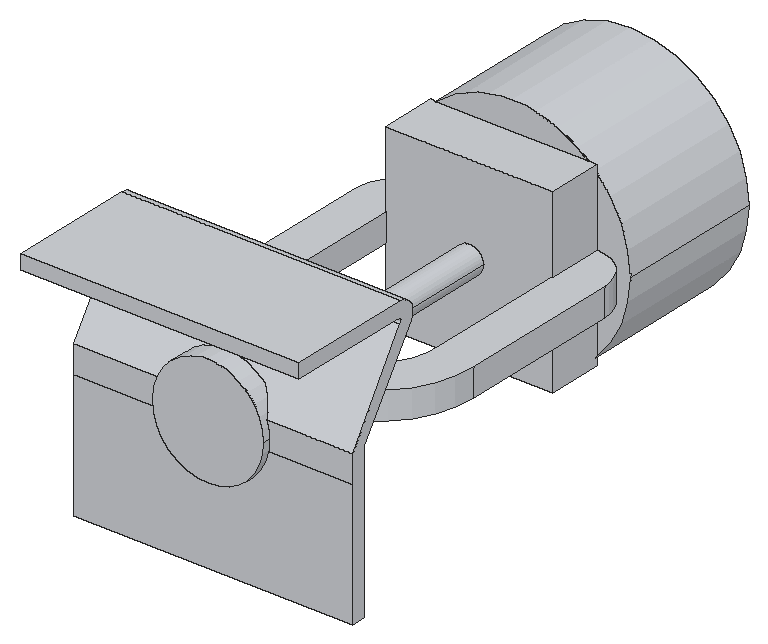
Revit family
Parameters (values of type "RASCO F1FR QREC EC9")
  Temperature Rating = 175 °F
  Response = 1
  RASCO SIN # = "R4862"
  RASCO Part # = "F1FREC95B"
  Pressure Rating = "300 PSI"
  Pressure Class = 1
  Orifice Size = 17/32"
  Orifice = (empty or 0)
  Model = "F1FR"
  Manufacturer = "RASCO"
  K-Factor = 8
  Description = "Bronze Finish"
  Coverage = 1
Reference planes (in)
  plane 1 "Center (Front/Back)": y = 0
  plane 2: z = 0
  plane 3 "Center (Left/Right)": x = 0
Dimensions and locks (in)
  aligned and locked: plane 2 to level
Nested families (in)
  nested 1: "RASCO- F1FREC95B" at (-4.13928, -0.61466, 0), type "RASCO F1FR OREC EC9"
Connectors (in)
  piping at (-4.15164, 0.73459, 1.25584)
    settings: on nested 1, index 1, connector radius 17/32", flow factor 0, pipe flow 0 GPM, pressure drop 0.00 psi, fitting loss kfactor 0, connector angle 0.00°, fixture units 0, flow configuration 0, flow direction 0, fitting loss method 0, system type 7, connector reference index -1, connector utility 0, adjustable connector no, is connector primary yes, fitting loss table "", connector description ""
Definition of nested family "RASCO- F1FREC95B"
  Parameters (values of type "RASCO F1FR OREC EC9")
    Type Comments = ""
    Temperature Rating = 0 °F
    Response = (empty or 0)
    Pressure Rating = "0"
    Pressure Class = (empty or 0)
    Orifice Size = 0"
    Orifice = (empty or 0)
    Model = ""
    Manufacturer = ""
    K-Factor = 0
    Description = ""
    Coverage = (empty or 0)
    Assembly Code = ""
  Reference planes (in)
    plane 1 "Center (Front/Back)": y = 0
    plane 2: z = 0
    plane 3 "ref.2": z = 0.6875
    plane 4 "ref.3": z = 0.9375
    plane 5: x = -0.38065
    plane 6: x = 0.36935
    plane 7 "ref. side 1": y = 0.06402
    plane 8 "ref. side 2": y = -0.06098
    plane 9 "ref.4": z = 1.875
    plane 10 "ref.5": z = 2.3125
    plane 11 "ref.6": z = 2.4375
    plane 12 "center": x = -0.00574
  Forms (in)
    Extrusion 1, solid
      sketch origin (-0.01236, 1.37309, 1.25584) x (-1, 0, 0) y (0, 0, -1)
        loop
          circle (0, 0) r 0.53125
      from 0.02383 to 0.6875
    Extrusion 2, solid
      sketch origin (0.10949, 0.68559, 1.20407) x (-1, 0, 0) y (0, 0, -1)
        loop
          line (-0.2588, 0.356) -> (-0.2588, -0.4565) -> (0.4912, -0.4565) -> (0.4912, 0.356) -> (-0.2588, 0.356)
      from 0 to 0.25
    Extrusion 3, solid
      sketch origin (-0.01236, 1.3722, 1.25584) x (-1, 0, 0) y (0, -1, 0)
        loop
          line (-0.38065, 0.68754) -> (-0.38065, 1.58397)
          arc (-0.38065, 1.58397) -> (-0.29541, 1.78976) -> (-0.08962, 1.875) r 0.29103
          line (-0.08962, 1.875) -> (0.07524, 1.875)
          arc (0.07524, 1.875) -> (0.28321, 1.78886) -> (0.36935, 1.58089) r 0.29411
          line (0.36935, 1.58089) -> (0.36935, 0.68751)
          arc (0.36935, 0.68751) -> (0.50207, 0.74393) -> (0.55685, 0.87734) r 0.18984
          line (0.55685, 0.87734) -> (0.55685, 1.61676)
          arc (0.55685, 1.61676) -> (0.42629, 1.93194) -> (0.11111, 2.0625) r 0.44574
          line (0.11111, 2.0625) -> (-0.12259, 2.0625)
          arc (-0.12259, 2.0625) -> (-0.43765, 1.932) -> (-0.56815, 1.61694) r 0.44556
          line (-0.56815, 1.61694) -> (-0.56815, 0.87876)
          arc (-0.56815, 0.87876) -> (-0.51345, 0.74486) -> (-0.38065, 0.68754) r 0.19126
      from -0.06402 to 0.06098
    Extrusion 4, solid
      sketch origin (-0.01236, 0.43559, 1.25584) x (1, 0, 0) y (0, 0, 1)
        loop
          circle (0.00574, -0.00152) r 0.0625
      from 0 to 0.9375
    Extrusion 5, solid
      sketch origin (-0.01236, -0.50191, 1.25584) x (1, 0, 0) y (0, 0, 1)
        loop
          circle (0.00574, -0.00152) r 0.1875
      from 0 to 0.4375
    Extrusion 6, solid
      sketch origin (-0.01236, -0.89954, 1.2504) x (-1, 0, 0) y (0, 0, 1)
        loop
          circle (-0.00574, -0.00245) r 0.25
      from -0.13498 to -0.03987
    Extrusion 7, solid
      sketch origin (-0.00662, 1.2679, 1.26334) x (0, -1, 0) y (0, 0, 1)
        loop
          line (2.27263, -0.06402) -> (2.27263, 0.06098) -> (2.00466, 0.4658)
          arc (2.00466, 0.4658) -> (2.00382, 0.48409) -> (2.01953, 0.49348) r 0.01783
          line (2.01953, 0.49348) -> (2.57559, 0.49348) -> (2.57559, 0.55848) -> (2.00257, 0.55848)
          arc (2.00257, 0.55848) -> (1.94355, 0.52319) -> (1.9467, 0.4545) r 0.067
          line (1.9467, 0.4545) -> (2.20719, 0.06098) -> (2.20719, -0.62964) -> (2.27263, -0.62964) -> (2.27263, -0.06402)
      from -0.62515 to 0.62904
  Cuts and joins
    joined: Extrusion 1, Extrusion 2, Extrusion 4
